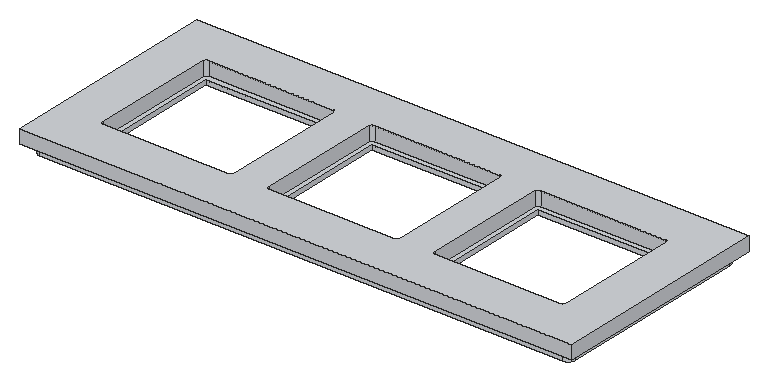
Revit family "Gira_0213126", category Electrical Fixtures, host Face, Revit 2017
Family settings
  Host = Face
  Maintain Annotation Orientation = No
  Round Connector Dimension = Use Diameter
  Part Type = Normal
  Cut with Voids When Loaded = No
  Shared = No
  Room Calculation Point = No
Parameters (values of type "Abdeckrahmen 3f Gira Esprit Alum.Schwarz")
  Werkstoffgüte = "aluminium"
  Werkstoff = "Metall"
  URL = "http://katalog.gira.de/de_DE/datenblatt.html?artikelnr=0213126"
  Transparent = "No"
  Textfeld/Beschriftungsfläche = "No"
  Schutzart (IP) = "IP20"
  Region = "DE"
  Oberfläche = "sonstige"
  Name = "Abdeckrahmen 3f Gira Esprit Alum.Schwarz"
  Montagerichtung = "horizontal und vertikal"
  Mit Montagerahmen = "No"
  Mit Klappdeckel = "No"
  Manufacturer URL = "https://www.gira.de/"
  Keynote = "Espr._Rahmen_3fach"
  HeinzeBIM = "https://bimportal.heinze.de/bim/abdeckrahmen-3f-gira-esprit-alum-schwarz/0a3d5e52d92d528cecbe0eb6cd2a75645918c1b1"
  Halogenfrei = "No"
  HAN = "0213126"
  Geeignet für Unterputz-Installation = "Yes"
  Geeignet für Unterflurkanaldose = "No"
  Geeignet für Geräteeinbaukanal = "No"
  Geeignet für Einbauinstallation = "No"
  GTIN = "4010337109037"
  Farbe = "schwarz"
  Default Elevation = 1219.2 mm
  Data sheet (1) = "https://katalog.gira.de/de_DE/download.html?artikelnr=0213126"
  Category = "Abdeckrahmen"
  Befestigungsart = "Klemmbefestigung"
  Available = "Yes"
  Anzahl der Einheiten vertikal = "3 "
  Anzahl der Einheiten horizontal = "3 "
  Anzahl der Einheiten = "3 "
Reference planes
  plane 1 "Center (Front/Back)": y = 0
  plane 2: z = 0
  plane 3 "Center (Left/Right)": x = 0
Forms (mm)
  Extrusion 1, solid, detail levels fine
    sketch origin (0, 0, 0) x (1, 0, 0) y (0, 1, 0)
      loop
        line (-118.4, 47.5) -> (-118.4, -47.5) -> (118.4, -47.5) -> (118.4, 47.5) -> (-118.4, 47.5)
      loop
        arc (-99.5, -26.7) -> (-99.061, -27.761) -> (-98, -28.2) r 1.5
        line (-98, -28.2) -> (-44.6, -28.2)
        arc (-44.6, -28.2) -> (-43.539, -27.761) -> (-43.1, -26.7) r 1.5
        line (-43.1, -26.7) -> (-43.1, 26.7)
        arc (-43.1, 26.7) -> (-43.539, 27.761) -> (-44.6, 28.2) r 1.5
        line (-44.6, 28.2) -> (-98, 28.2)
        arc (-98, 28.2) -> (-99.061, 27.761) -> (-99.5, 26.7) r 1.5
        line (-99.5, 26.7) -> (-99.5, -26.7)
      loop
        arc (-28.2, -26.7) -> (-27.761, -27.761) -> (-26.7, -28.2) r 1.5
        line (-26.7, -28.2) -> (26.7, -28.2)
        arc (26.7, -28.2) -> (27.761, -27.761) -> (28.2, -26.7) r 1.5
        line (28.2, -26.7) -> (28.2, 26.7)
        arc (28.2, 26.7) -> (27.761, 27.761) -> (26.7, 28.2) r 1.5
        line (26.7, 28.2) -> (-26.7, 28.2)
        arc (-26.7, 28.2) -> (-27.761, 27.761) -> (-28.2, 26.7) r 1.5
        line (-28.2, 26.7) -> (-28.2, -26.7)
      loop
        arc (43.1, -26.7) -> (43.539, -27.761) -> (44.6, -28.2) r 1.5
        line (44.6, -28.2) -> (98, -28.2)
        arc (98, -28.2) -> (99.061, -27.761) -> (99.5, -26.7) r 1.5
        line (99.5, -26.7) -> (99.5, 26.7)
        arc (99.5, 26.7) -> (99.061, 27.761) -> (98, 28.2) r 1.5
        line (98, 28.2) -> (44.6, 28.2)
        arc (44.6, 28.2) -> (43.539, 27.761) -> (43.1, 26.7) r 1.5
        line (43.1, 26.7) -> (43.1, -26.7)
    from 0 to 6
  Extrusion 2, solid, detail levels fine
    sketch origin (0, 0, 0) x (1, 0, 0) y (0, 1, 0)
      loop
        line (-97.2, -25.7) -> (-45.4, -25.7) -> (-45.4, 25.7) -> (-97.2, 25.7) -> (-97.2, -25.7)
      loop
        line (97.2, 25.7) -> (45.4, 25.7) -> (45.4, -25.7) -> (97.2, -25.7) -> (97.2, 25.7)
      loop
        arc (-114.002, -41.3) -> (-113.474, -42.573) -> (-112.202, -43.1) r 1.8
        line (-112.202, -43.1) -> (112.202, -43.1)
        arc (112.202, -43.1) -> (113.474, -42.573) -> (114.002, -41.3) r 1.8
        line (114.002, -41.3) -> (114.002, 41.3)
        arc (114.002, 41.3) -> (113.474, 42.573) -> (112.202, 43.1) r 1.8
        line (112.202, 43.1) -> (-112.202, 43.1)
        arc (-112.202, 43.1) -> (-113.474, 42.573) -> (-114.002, 41.3) r 1.8
        line (-114.002, 41.3) -> (-114.002, -41.3)
      loop
        line (25.9, 25.7) -> (-25.9, 25.7) -> (-25.9, -25.7) -> (25.9, -25.7) -> (25.9, 25.7)
    from -1.9 to 0
  Extrusion 3, solid, detail levels fine
    sketch origin (0, 0, 0) x (1, 0, 0) y (0, 1, 0)
      loop
        arc (-112.3, 44.4) -> (-114.421, 43.521) -> (-115.3, 41.4) r 3
        line (-115.3, 41.4) -> (-115.3, -41.4)
        arc (-115.3, -41.4) -> (-114.421, -43.521) -> (-112.3, -44.4) r 3
        line (-112.3, -44.4) -> (112.3, -44.4)
        arc (112.3, -44.4) -> (114.421, -43.521) -> (115.3, -41.4) r 3
        line (115.3, -41.4) -> (115.3, 41.4)
        arc (115.3, 41.4) -> (114.421, 43.521) -> (112.3, 44.4) r 3
        line (112.3, 44.4) -> (-112.3, 44.4)
      loop
        arc (-114.1, -41.4) -> (-113.573, -42.673) -> (-112.3, -43.2) r 1.8
        line (-112.3, -43.2) -> (112.3, -43.2)
        arc (112.3, -43.2) -> (113.573, -42.673) -> (114.1, -41.4) r 1.8
        line (114.1, -41.4) -> (114.1, 41.4)
        arc (114.1, 41.4) -> (113.573, 42.673) -> (112.3, 43.2) r 1.8
        line (112.3, 43.2) -> (-112.3, 43.2)
        arc (-112.3, 43.2) -> (-113.573, 42.673) -> (-114.1, 41.4) r 1.8
        line (-114.1, 41.4) -> (-114.1, -41.4)
    from -3.7 to 0
  Extrusion 4, solid, detail levels medium
    sketch origin (0, 0, 0) x (1, 0, 0) y (0, 1, 0)
      loop
        line (-118.4, 47.5) -> (-118.4, -47.5) -> (118.4, -47.5) -> (118.4, 47.5) -> (-118.4, 47.5)
    from 0 to 6
  Extrusion 5, solid, detail levels medium
    sketch origin (0, 0, 0) x (1, 0, 0) y (0, 1, 0)
      loop
        line (-115.3, 44.4) -> (-115.3, -44.4) -> (115.3, -44.4) -> (115.3, 44.4) -> (-115.3, 44.4)
    from -3.7 to 0
  Extrusion 6, solid, detail levels coarse
    sketch origin (0, 0, 0) x (1, 0, 0) y (0, 1, 0)
      loop
        line (-118.4, 47.5) -> (-118.4, -47.5) -> (118.4, -47.5) -> (118.4, 47.5) -> (-118.4, 47.5)
    from -3.7 to 6
Dimensions and locks
  aligned and locked: plane 2 to host face
  aligned and locked: level to host face
